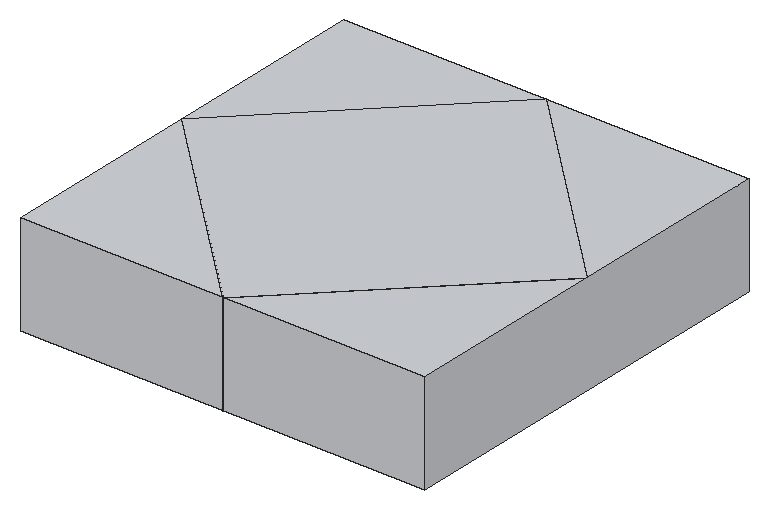
Revit family "電線管用ファミリ(片側のみ)_23", category Electrical Fixtures, Revit 2022
Family settings
  Round Connector Dimension = Use Diameter
  Part Type = Normal
  OmniClass Number = 23.80.00.00
  OmniClass Title = Electric Power and Lighting
  Work Plane-Based = No
  Always vertical = Yes
  Cut with Voids When Loaded = No
  Maintain Annotation Orientation = Yes
  Shared = No
  Room Calculation Point = No
Parameters
  コネクタ直径 [instance] = 16 mm
  W [instance] = 200 mm
  Default Elevation = 0 mm
  D [instance] = 200 mm
Reference planes
  plane 1 "Center (Front/Back)": y = 0
  plane 2: z = 0
  plane 3 "Center (Left/Right)": x = 0
  plane 4: x = -100
  plane 5: x = 100
  plane 6: y = 100
  plane 7: y = -100
  plane 8: z = 50
Forms (mm)
  Extrusion 1, solid
    sketch origin (0, 0, 0) x (1, 0, 0) y (0, 1, 0)
      loop
        line (-100, 100) -> (-100, -100) -> (100, -100) -> (100, 100) -> (-100, 100)
    from 0 to 50
  Extrusion 2, solid
    sketch origin (0, 0, 0) x (1, 0, 0) y (0, 1, 0)
      loop
        line (-100, 0) -> (0, -100) -> (100, 0) -> (0, 100) -> (-100, 0)
    from 0 to 50
Dimensions and locks
  equal spacing: plane 4, plane 3 "Center (Left/Right)", plane 5
  "W": plane 4 to plane 5
  equal spacing: plane 6, plane 1 "Center (Front/Back)", plane 7
  "D": plane 6 to plane 7
  aligned and locked: level to plane 2
  aligned and locked: Extrusion 1 sketch curve to plane 6
  aligned and locked: plane 4 to Extrusion 1 sketch curve
  aligned and locked: plane 7 to Extrusion 1 sketch curve
  aligned and locked: Extrusion 1 sketch curve to plane 5
  aligned and locked: plane 8 to Extrusion 1
  aligned and locked: plane 8 to Extrusion 2
Automatic sketch dimensions
  Extrusion 2 sketch curve to plane 4 = 0 mm
  plane 1 "Center (Front/Back)" to Extrusion 2 sketch curve = 0 mm
  Extrusion 2 sketch curve to plane 3 "Center (Left/Right)" = 0 mm
  Extrusion 2 sketch curve to plane 5 = 0 mm
  Extrusion 2 sketch curve to plane 7 = 0 mm
Connectors
  cabletrayconduit at (0, 0, 50), diameter 16
    settings: on Extrusion 1, index 1, connector width 300 mm, connector height 300 mm, connector angle 0.00°, system type 32, placement type 0, profile type 0, connector reference index -1, is primary connector yes, connector utility param no, connector description ""
